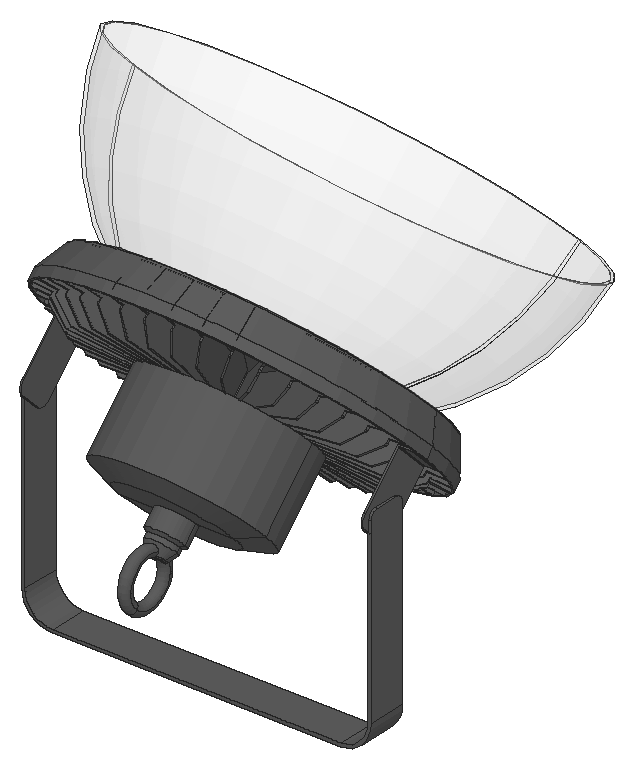
Revit family "0039346+0039355+0039361 Feilo Sylvania Lighting Fixture START HIGHBAY 4K 26KLM MEDIUM with BRACKET and PC LAMPSHADE TRANSPARENT", category Lighting Fixtures, host Face, Revit 2017 (continued)
Definition of nested family "Start LED Highbay Head"
  Dimensions and locks
    "RHRadius2_FEILO": plane 3 "Center (Left/Right)" to plane 32
    "RHHeight3_FEILO": plane 31 to plane 33
    "RHHeight4_FEILO": plane 33 to plane 34
    "RHRadius3_FEILO": plane 3 "Center (Left/Right)" to plane 35
    "RHHeight1_FEILO": plane 28 to plane 30
    "EyeInner_FEILO": plane 34 to plane 36
    "EyeInner_FEILO": plane 36 to plane 37
    equal spacing: plane 38, plane 3 "Center (Left/Right)", plane 39
    "EyeThickness_FEILO": plane 38 to plane 39
    "EyeThickness_FEILO": plane 37 to plane 40
    equal spacing: plane 37, plane 41, plane 40
    equal spacing: plane 6, plane 42, plane 18
    "ThicknessBracket_FEILO": plane 45 to plane 6
    "ThicknessBracket_FEILO": plane 8 to plane 44
    locked: plane 43 to plane 18 at 1
    equal spacing: plane 24, plane 46, plane 26
    equal spacing: plane 47, plane 1 "Center (Front/Back)", plane 48
    "WidthBracket_FEILO": plane 47 to plane 48
    "WidthRingChamfer_FEILO": plane 50 to plane 49
    "ThicknessWall_FEILO": plane 51 to plane 49
    equal spacing: plane 50, plane 52, plane 51
    "ThicknessBracket_FEILO": plane 54 to plane 50
    locked: plane 53 to plane 51 at 1
    "Radius_FEILO": plane 49 to plane 3 "Center (Left/Right)"
    "ShadeRadiusOut_FEILO": plane 3 "Center (Left/Right)" to plane 55
    "ShadeHeight_FEILO": plane 56 to plane 4
    "ShadeRadiusIn_FEILO": plane 3 "Center (Left/Right)" to plane 57
    locked: plane 58 to plane 57 at 8
    "ShadeThickness_FEILO": plane 60 to plane 4
    "ShadeThickness_FEILO": plane 59 to plane 55
    "EyeThicknessHalf_FEILO": radius of curve 8
    "ThicknessBracket_FEILO": radius of Extrusion 7 sketch curve  (x2)
    "ThicknessBracketHalf_FEILO": radius of Extrusion 7 sketch curve  (x2)
    "ShadeRadiusBend_FEILO": radius of curve 9
    aligned and locked: plane 2 to Extrusion 1
    aligned and locked: level to Extrusion 1
    aligned and locked: plane 5 to curve 1
    aligned and locked: plane 6 to curve 1
    aligned and locked: plane 7 to curve 1
    aligned and locked: plane 10 to curve 2
    aligned and locked: plane 9 to curve 3
    aligned and locked: plane 4 to curve 3
    aligned and locked: plane 11 to curve 3
    aligned and locked: plane 4 to curve 4
    aligned and locked: plane 18 to curve 5
    aligned and locked: plane 10 to curve 5
    aligned and locked: Revolve 2 sketch curve to plane 3 "Center (Left/Right)"
    aligned and locked: Revolve 2 sketch curve to curve 3
    aligned and locked: Revolve 2 sketch curve to curve 1
    aligned and locked: plane 4 to Revolve 2 sketch curve
    aligned and locked: plane 9 to Revolve 2 sketch curve
    aligned and locked: Revolve 2 sketch curve to plane 13
    aligned and locked: Revolve 2 sketch curve to plane 10
    aligned and locked: plane 13 to Revolve 2 sketch curve
    aligned and locked: plane 10 to Revolve 2 sketch curve
    aligned and locked: Revolve 2 sketch curve to plane 18
    aligned and locked: Revolve 2 sketch curve to plane 8
    aligned and locked: plane 5 to Revolve 2 sketch curve  (x2)
    aligned and locked: Revolve 3 sketch curve to plane 3 "Center (Left/Right)"
    aligned and locked: plane 11 to Revolve 3 sketch curve
    aligned and locked: Revolve 3 sketch curve to curve 2
    aligned and locked: plane 15 to Revolve 3 sketch curve
    aligned and locked: Revolve 3 sketch curve to plane 16
    aligned and locked: plane 17 to Revolve 3 sketch curve  (x2)
    aligned and locked: Revolve 3 sketch curve to plane 12
    aligned and locked: plane 7 to Revolve 3 sketch curve
    aligned and locked: Revolve 4 sketch curve to plane 3 "Center (Left/Right)"
    aligned and locked: Revolve 4 sketch curve to plane 14
    aligned and locked: plane 3 "Center (Left/Right)" to Revolve 4 sketch curve
    aligned and locked: Revolve 4 sketch curve to plane 12
    aligned and locked: plane 15 to Revolve 4 sketch curve
    aligned and locked: Revolve 2 sketch curve to curve 5
    aligned and locked: plane 22 to curve 6
    aligned and locked: plane 21 to curve 6
    aligned and locked: plane 20 to curve 6
    aligned and locked: plane 19 to curve 6
    aligned and locked: plane 33 to curve 7
    aligned and locked: plane 32 to curve 7
    aligned and locked: plane 35 to curve 7
    aligned and locked: plane 34 to curve 7
    aligned and locked: Revolve 5 sketch curve to plane 3 "Center (Left/Right)"
    aligned and locked: Revolve 5 sketch curve to plane 25
    aligned and locked: plane 27 to Revolve 5 sketch curve
    aligned and locked: plane 28 to Revolve 5 sketch curve
    aligned and locked: plane 30 to Revolve 5 sketch curve
    aligned and locked: Revolve 5 sketch curve to plane 29
    aligned and locked: plane 31 to Revolve 5 sketch curve
    aligned and locked: Revolve 5 sketch curve to curve 7
    aligned and locked: Revolve 5 sketch curve to plane 32
    aligned and locked: plane 34 to Revolve 5 sketch curve
    aligned and locked: plane 3 "Center (Left/Right)" to Revolve 5 sketch curve
    aligned and locked: plane 3 "Center (Left/Right)" to curve 8
    aligned and locked: plane 41 to curve 8
    aligned and locked: Revolve 6 sketch curve to plane 36
    aligned and locked: Revolve 6 sketch curve to curve 8
    aligned and locked: plane 43 to Extrusion 7 sketch curve  (x2)
    aligned and locked: plane 8 to Extrusion 7 sketch curve  (x3)
    aligned and locked: Extrusion 7 sketch curve to plane 45
    aligned and locked: Extrusion 7 sketch curve to plane 46  (x2)
    aligned and locked: plane 6 to Extrusion 7 sketch curve
    aligned and locked: Extrusion 7 sketch curve to plane 44  (x2)
    aligned and locked: Extrusion 7 to plane 48
    aligned and locked: plane 47 to Extrusion 7
    aligned and locked: plane 53 to Extrusion 7 sketch curve
    aligned and locked: plane 50 to Extrusion 7 sketch curve
    aligned and locked: Extrusion 7 sketch curve to plane 54
    aligned and locked: Extrusion 8 sketch curve to Extrusion 8 sketch curve
    aligned and locked: Extrusion 8 to plane 6
    aligned and locked: Extrusion 8 to Extrusion 7
    aligned and locked: Revolve 5 sketch curve to plane 22
    aligned and locked: plane 23 to nested 1
    aligned and locked: plane 1 "Center (Front/Back)" to nested 1
    aligned and locked: Revolve 9 sketch curve to plane 3 "Center (Left/Right)"
    aligned and locked: Revolve 9 sketch curve to plane 4
    aligned and locked: plane 6 to Revolve 9 sketch curve
    aligned and locked: plane 4 to Revolve 9 sketch curve
    aligned and locked: plane 7 to Revolve 9 sketch curve
    aligned and locked: Revolve 9 sketch curve to plane 5
    aligned and locked: plane 8 to Revolve 9 sketch curve  (x2)
    aligned and locked: Revolve 9 sketch curve to plane 19
    aligned and locked: plane 20 to Revolve 9 sketch curve
    aligned and locked: plane 19 to Revolve 9 sketch curve
    aligned and locked: plane 21 to Revolve 9 sketch curve
    aligned and locked: plane 22 to Revolve 9 sketch curve  (x2)
    aligned and locked: Revolve 9 sketch curve to Revolve 9 sketch curve
    aligned and locked: imposter light to plane 4
    aligned and locked: plane 3 "Center (Left/Right)" to imposter light
    aligned and locked: imposter light to plane 1 "Center (Front/Back)"
    aligned and locked: plane 55 to curve 9
    aligned and locked: plane 56 to curve 9
    aligned and locked: plane 57 to curve 9
    aligned and locked: plane 4 to curve 9
    aligned and locked: Revolve 10 sketch curve to curve 9
    aligned and locked: plane 58 to Revolve 10 sketch curve
    aligned and locked: plane 57 to Revolve 10 sketch curve
    aligned and locked: plane 56 to Revolve 10 sketch curve  (x2)
    aligned and locked: Revolve 10 sketch curve to plane 58
    aligned and locked: plane 60 to Revolve 10 sketch curve
  Automatic sketch dimensions
    Extrusion 1 sketch curve to Extrusion 1 sketch curve = 2438.4 mm  (x2)
    Revolve 2 sketch curve to plane 6 = 0.299 mm
    plane 6 to Revolve 2 sketch curve = 0.459 mm
    Revolve 2 sketch curve to level = 609.6 mm
    Revolve 2 sketch curve to Revolve 2 sketch curve = 2312.223 mm
    Revolve 3 sketch curve to plane 12 = 0 mm
    Revolve 3 sketch curve to plane 3 "Center (Left/Right)" = 0 mm
    Revolve 3 sketch curve to level = 609.6 mm
    Revolve 3 sketch curve to plane 4 = 2339.058 mm
    Revolve 4 sketch curve to level = 609.6 mm
    Revolve 4 sketch curve to plane 4 = 2339.058 mm
    Revolve 6 sketch curve to plane 5 = 1080 mm
    plane 38 to Revolve 6 sketch curve = 1219.2 mm
    Extrusion 8 sketch curve to plane 47 = 0 mm
    plane 46 to Extrusion 8 sketch curve = 0 mm  (x2)
    Extrusion 8 sketch curve to plane 48 = 0 mm
    plane 47 to Extrusion 8 sketch curve = 5 mm
    plane 1 "Center (Front/Back)" to Extrusion 8 sketch curve = 10 mm
    Extrusion 8 sketch curve to Extrusion 8 sketch curve = 10 mm
    plane 46 to Extrusion 8 sketch curve = 5 mm
    Extrusion 8 sketch curve to Extrusion 8 sketch curve = 5 mm
    Extrusion 8 sketch curve to plane 48 = 5 mm
    Revolve 5 sketch curve to plane 26 = 0 mm
    Revolve 5 sketch curve to plane 35 = 0.437 mm
    plane 35 to Revolve 5 sketch curve = 0.847 mm
    Revolve 5 sketch curve to plane 34 = 0.726 mm
    plane 40 to Revolve 5 sketch curve = 590.2 mm
    Revolve 5 sketch curve to plane 4 = 2339.058 mm
    Revolve 9 sketch curve to level = 609.6 mm
    Revolve 9 sketch curve to Revolve 9 sketch curve = 2386.058 mm
    curve 2 to plane 3 "Center (Left/Right)" = 0 mm
    Revolve 10 sketch curve to Revolve 10 sketch curve = 0 mm  (x2)
    Revolve 10 sketch curve to plane 3 "Center (Left/Right)" = 0 mm
    plane 57 to Revolve 10 sketch curve = 0.659 mm
    Revolve 10 sketch curve to level = 609.6 mm
    Revolve 10 sketch curve to Revolve 10 sketch curve = 2068.248 mm
  Nested families
    nested 1: "Start Highbay Rib" at (0, 0, 67.775), type "Type Name", detail levels medium+fine
      with SuspensionHeight_FEILO 2.6 mm
    nested 2: "Start Highbay Rib" at (0, 0, 67.775) x (0.9877, 0.1564, 0) z (0, 0, 1), type "Type Name", detail levels medium+fine
      with SuspensionHeight_FEILO 2.6 mm
    nested 3: "Start Highbay Rib" at (0, 0, 67.775) x (0.9511, 0.309, 0) z (0, 0, 1), type "Type Name", detail levels medium+fine
      with SuspensionHeight_FEILO 2.6 mm
    nested 4: "Start Highbay Rib" at (0, 0, 67.775) x (0.891, 0.454, 0) z (0, 0, 1), type "Type Name", detail levels medium+fine
      with SuspensionHeight_FEILO 2.6 mm
    nested 5: "Start Highbay Rib" at (0, 0, 67.775) x (0.809, 0.5878, 0) z (0, 0, 1), type "Type Name", detail levels medium+fine
      with SuspensionHeight_FEILO 2.6 mm
    nested 6: "Start Highbay Rib" at (0, 0, 67.775) x (0.7071, 0.7071, 0) z (0, 0, 1), type "Type Name", detail levels medium+fine
      with SuspensionHeight_FEILO 2.6 mm
    nested 7: "Start Highbay Rib" at (0, 0, 67.775) x (0.5878, 0.809, 0) z (0, 0, 1), type "Type Name", detail levels medium+fine
      with SuspensionHeight_FEILO 2.6 mm
    nested 8: "Start Highbay Rib" at (0, 0, 67.775) x (0.454, 0.891, 0) z (0, 0, 1), type "Type Name", detail levels medium+fine
      with SuspensionHeight_FEILO 2.6 mm
    nested 9: "Start Highbay Rib" at (0, 0, 67.775) x (0.309, 0.9511, 0) z (0, 0, 1), type "Type Name", detail levels medium+fine
      with SuspensionHeight_FEILO 2.6 mm
    nested 10: "Start Highbay Rib" at (0, 0, 67.775) x (0.1564, 0.9877, 0) z (0, 0, 1), type "Type Name", detail levels medium+fine
      with SuspensionHeight_FEILO 2.6 mm
    nested 11: "Start Highbay Rib" at (0, 0, 67.775) x (0, 1, 0) z (0, 0, 1), type "Type Name", detail levels medium+fine
      with SuspensionHeight_FEILO 2.6 mm
    nested 12: "Start Highbay Rib" at (0, 0, 67.775) x (-0.1564, 0.9877, 0) z (0, 0, 1), type "Type Name", detail levels medium+fine
      with SuspensionHeight_FEILO 2.6 mm
    nested 13: "Start Highbay Rib" at (0, 0, 67.775) x (-0.309, 0.9511, 0) z (0, 0, 1), type "Type Name", detail levels medium+fine
      with SuspensionHeight_FEILO 2.6 mm
    nested 14: "Start Highbay Rib" at (0, 0, 67.775) x (-0.454, 0.891, 0) z (0, 0, 1), type "Type Name", detail levels medium+fine
      with SuspensionHeight_FEILO 2.6 mm
    nested 15: "Start Highbay Rib" at (0, 0, 67.775) x (-0.5878, 0.809, 0) z (0, 0, 1), type "Type Name", detail levels medium+fine
      with SuspensionHeight_FEILO 2.6 mm
    nested 16: "Start Highbay Rib" at (0, 0, 67.775) x (-0.7071, 0.7071, 0) z (0, 0, 1), type "Type Name", detail levels medium+fine
      with SuspensionHeight_FEILO 2.6 mm
    nested 17: "Start Highbay Rib" at (0, 0, 67.775) x (-0.809, 0.5878, 0) z (0, 0, 1), type "Type Name", detail levels medium+fine
      with SuspensionHeight_FEILO 2.6 mm
    nested 18: "Start Highbay Rib" at (0, 0, 67.775) x (-0.891, 0.454, 0) z (0, 0, 1), type "Type Name", detail levels medium+fine
      with SuspensionHeight_FEILO 2.6 mm
    nested 19: "Start Highbay Rib" at (0, 0, 67.775) x (-0.9511, 0.309, 0) z (0, 0, 1), type "Type Name", detail levels medium+fine
      with SuspensionHeight_FEILO 2.6 mm
    nested 20: "Start Highbay Rib" at (0, 0, 67.775) x (-0.9877, 0.1564, 0) z (0, 0, 1), type "Type Name", detail levels medium+fine
      with SuspensionHeight_FEILO 2.6 mm
    nested 21: "Start Highbay Rib" at (0, 0, 67.775) x (-1, 0, 0) z (0, 0, 1), type "Type Name", detail levels medium+fine
      with SuspensionHeight_FEILO 2.6 mm
    nested 22: "Start Highbay Rib" at (0, 0, 67.775) x (-0.9877, -0.1564, 0) z (0, 0, 1), type "Type Name", detail levels medium+fine
      with SuspensionHeight_FEILO 2.6 mm
    nested 23: "Start Highbay Rib" at (0, 0, 67.775) x (-0.9511, -0.309, 0) z (0, 0, 1), type "Type Name", detail levels medium+fine
      with SuspensionHeight_FEILO 2.6 mm
    nested 24: "Start Highbay Rib" at (0, 0, 67.775) x (-0.891, -0.454, 0) z (0, 0, 1), type "Type Name", detail levels medium+fine
      with SuspensionHeight_FEILO 2.6 mm
    nested 25: "Start Highbay Rib" at (0, 0, 67.775) x (-0.809, -0.5878, 0) z (0, 0, 1), type "Type Name", detail levels medium+fine
      with SuspensionHeight_FEILO 2.6 mm
    nested 26: "Start Highbay Rib" at (0, 0, 67.775) x (-0.7071, -0.7071, 0) z (0, 0, 1), type "Type Name", detail levels medium+fine
      with SuspensionHeight_FEILO 2.6 mm
    nested 27: "Start Highbay Rib" at (0, 0, 67.775) x (-0.5878, -0.809, 0) z (0, 0, 1), type "Type Name", detail levels medium+fine
      with SuspensionHeight_FEILO 2.6 mm
    nested 28: "Start Highbay Rib" at (0, 0, 67.775) x (-0.454, -0.891, 0) z (0, 0, 1), type "Type Name", detail levels medium+fine
      with SuspensionHeight_FEILO 2.6 mm
    nested 29: "Start Highbay Rib" at (0, 0, 67.775) x (-0.309, -0.9511, 0) z (0, 0, 1), type "Type Name", detail levels medium+fine
      with SuspensionHeight_FEILO 2.6 mm
    nested 30: "Start Highbay Rib" at (0, 0, 67.775) x (-0.1564, -0.9877, 0) z (0, 0, 1), type "Type Name", detail levels medium+fine
      with SuspensionHeight_FEILO 2.6 mm
    nested 31: "Start Highbay Rib" at (0, 0, 67.775) x (0, -1, 0) z (0, 0, 1), type "Type Name", detail levels medium+fine
      with SuspensionHeight_FEILO 2.6 mm
    nested 32: "Start Highbay Rib" at (0, 0, 67.775) x (0.1564, -0.9877, 0) z (0, 0, 1), type "Type Name", detail levels medium+fine
      with SuspensionHeight_FEILO 2.6 mm
    nested 33: "Start Highbay Rib" at (0, 0, 67.775) x (0.309, -0.9511, 0) z (0, 0, 1), type "Type Name", detail levels medium+fine
      with SuspensionHeight_FEILO 2.6 mm
    nested 34: "Start Highbay Rib" at (0, 0, 67.775) x (0.454, -0.891, 0) z (0, 0, 1), type "Type Name", detail levels medium+fine
      with SuspensionHeight_FEILO 2.6 mm
    nested 35: "Start Highbay Rib" at (0, 0, 67.775) x (0.5878, -0.809, 0) z (0, 0, 1), type "Type Name", detail levels medium+fine
      with SuspensionHeight_FEILO 2.6 mm
    nested 36: "Start Highbay Rib" at (0, 0, 67.775) x (0.7071, -0.7071, 0) z (0, 0, 1), type "Type Name", detail levels medium+fine
      with SuspensionHeight_FEILO 2.6 mm
    nested 37: "Start Highbay Rib" at (0, 0, 67.775) x (0.809, -0.5878, 0) z (0, 0, 1), type "Type Name", detail levels medium+fine
      with SuspensionHeight_FEILO 2.6 mm
    nested 38: "Start Highbay Rib" at (0, 0, 67.775) x (0.891, -0.454, 0) z (0, 0, 1), type "Type Name", detail levels medium+fine
      with SuspensionHeight_FEILO 2.6 mm
    nested 39: "Start Highbay Rib" at (0, 0, 67.775) x (0.9511, -0.309, 0) z (0, 0, 1), type "Type Name", detail levels medium+fine
      with SuspensionHeight_FEILO 2.6 mm
    nested 40: "Start Highbay Rib" at (0, 0, 67.775) x (0.9877, -0.1564, 0) z (0, 0, 1), type "Type Name", detail levels medium+fine
      with SuspensionHeight_FEILO 2.6 mm
  Definition of nested family "Start Highbay Rib"
    Parameters (values of type "Type Name")
      WidthStraight_FEILO = if(SizeS_FEILO, 3 mm, if(SizeM_FEILO, 4 mm, 4.7 mm))  # 3 mm
      WidthRingChamfer_FEILO = if(SizeS_FEILO, 10.3 mm, if(SizeM_FEILO, 11.2 mm, 12.9 mm))  # 10.3 mm
      WidthCurved_FEILO = if(SizeS_FEILO, 17.4 mm, if(SizeM_FEILO, 16.4 mm, 26.2 mm))  # 17.4 mm
      WidthCurvedRing_FEILO = if(SizeS_FEILO, 3 mm, if(SizeM_FEILO, 4 mm, 4.7 mm))  # 3 mm
      WidthBracket_FEILO = 40 mm
      URL = "http://www.feilosylvania.com"
      Type Image = (empty or 0)
      Type Comments = "n/a"
      ThicknessWall_FEILO = 1.5 mm
      ThicknessBracket_FEILO = 1.5 mm
      ThicknessBracketHalf_FEILO = ThicknessBracket_FEILO / 2  # 0.75 mm
      SuspensionHeight_FEILO [instance] = 2.6 mm
      SizeS_FEILO = yes
      SizeM_FEILO = no
      Rib4_FEILO = if(SizeS_FEILO, 18.1 mm, if(SizeM_FEILO, 13.6 mm, 14.6 mm))  # 18.1 mm
      Rib3_FEILO = if(SizeS_FEILO, 15.3 mm, if(SizeM_FEILO, 17.6 mm, 20.2 mm))  # 15.3 mm
      Rib2_FEILO = if(SizeS_FEILO, 3.6 mm, if(SizeM_FEILO, 3.9 mm, 4.5 mm))  # 3.6 mm
      Rib1_FEILO = if(SizeS_FEILO, 15.1 mm, if(SizeM_FEILO, 16.5 mm, 19 mm))  # 15.1 mm
      RadiusRib_FEILO = 2 mm
      RadiusDiffuser_FEILO = if(SizeS_FEILO, 95.2 mm, if(SizeM_FEILO, 105.3 mm, 120 mm))  # 95.2 mm
      RHRadius3_FEILO = if(SizeS_FEILO, 6.6 mm, if(SizeM_FEILO, 7.4 mm, 8.6 mm))  # 6.6 mm
      RHRadius2_FEILO = if(SizeS_FEILO, 11 mm, if(SizeM_FEILO, 12 mm, 14 mm))  # 11 mm
      RHRadius1_FEILO = if(SizeS_FEILO, 13.6 mm, if(SizeM_FEILO, 14.9 mm, 17.7 mm))  # 13.6 mm
      RHHeight4_FEILO = if(SizeS_FEILO, 7.3 mm, if(SizeM_FEILO, 8 mm, 9.2 mm))  # 7.3 mm
      RHHeight3_FEILO = if(SizeS_FEILO, 3.6 mm, if(SizeM_FEILO, 3.7 mm, 4.6 mm))  # 3.6 mm
      RHHeight2_FEILO = if(SizeS_FEILO, 2 mm, if(SizeM_FEILO, 2.2 mm, 2.6 mm))  # 2 mm
      RHHeight1_FEILO = if(SizeS_FEILO, 11.8 mm, if(SizeM_FEILO, 15.3 mm, 17.4 mm))  # 11.8 mm
      Material_3_FEILO = none
      Model = ""
      Manufacturer = "Feilo Sylvania"
      Keynote = "16500"
      HeightRing_FEILO = if(SizeS_FEILO, 19.8 mm, if(SizeM_FEILO, 32 mm, 36.8 mm))  # 19.8 mm
      HeightRingChamfer_FEILO = if(SizeS_FEILO, 11.7 mm, if(SizeM_FEILO, 23.2 mm, 26.6 mm))  # 11.7 mm
      EyeThickness_FEILO = if(SizeS_FEILO, 8.4 mm, if(SizeM_FEILO, 9.2 mm, 10.5 mm))  # 8.4 mm
      EyeThicknessHalf_FEILO = EyeThickness_FEILO / 2  # 4.2 mm
      EyeInner_FEILO = if(SizeS_FEILO, 13.8 mm, if(SizeM_FEILO, 15.1 mm, 17.3 mm))  # 13.8 mm
      DriverVerticalStraight_FEILO = if(SizeS_FEILO, 46.5 mm, if(SizeM_FEILO, 49.7 mm, 57 mm))  # 46.5 mm
      DriverVerticalChamfer_FEILO = if(SizeS_FEILO, 7.5 mm, if(SizeM_FEILO, 8.2 mm, 9.5 mm))  # 7.5 mm
      DriverRadius_FEILO = if(SizeS_FEILO, 61.4 mm, if(SizeM_FEILO, 67.2 mm, 76.4 mm))  # 61.4 mm
      DriverRadiusTop_FEILO = if(SizeS_FEILO, 42 mm, if(SizeM_FEILO, 45.3 mm, 52.4 mm))  # 42 mm
      DriverBottom_FEILO = if(SizeS_FEILO, 56 mm, if(SizeM_FEILO, 64.5 mm, 74 mm))  # 56 mm
      Material_2_FEILO = none
      Radius_FEILO = if(SizeS_FEILO, 135 mm, if(SizeM_FEILO, 148 mm, 169.5 mm))  # 135 mm
      Description = ""
      Default Elevation = 1219.2 mm
      Cost = 0
      Material_1_FEILO = none
      Assembly Code = "D5020200"
      Material_4_FEILO = none
    Reference planes
      plane 1 "Center (Front/Back)": y = 0
      plane 2: z = 0
      plane 3 "Center (Left/Right)": x = 0
      plane 4: z = 2.6
      plane 5: x = -135
      plane 6: x = -124.7
      plane 7: z = -9.1
      plane 8: z = -17.2
      plane 9: x = -121.7
      plane 10: z = -0.025
      plane 11: x = -104.3
      plane 12: x = -95.2
      plane 13: x = -118.7
      plane 14: z = 0.975
      plane 15: z = -1.025
      plane 16: x = -92.2
      plane 17: z = -2.025
      plane 18: x = -133.5
      plane 19: x = -119.9
      plane 20: z = -20.8
      plane 21: x = -104.6
      plane 22: z = -38.9
      plane 23: x = -20
      plane 24: z = -53.4
      plane 25: x = -61.4
      plane 26: z = -99.9
      plane 27: x = -42
      plane 28: z = -107.4
      plane 29: x = -13.6
      plane 30: z = -119.2
      plane 31: z = -121.2
      plane 32: x = -11
      plane 33: z = -124.8
      plane 34: z = -132.1
      plane 35: x = -6.6
      plane 36: z = -145.9
      plane 37: z = -159.7
      plane 38: x = 4.2
      plane 39: x = -4.2
      plane 40: z = -168.1
      plane 41: z = -163.9
      plane 42: x = -129.1
      plane 43: x = -132.5
      plane 44: z = -18.7
      plane 45: x = -123.2
      plane 46: z = -76.65
      plane 47: y = -20
      plane 48: y = 20
      plane 49: x = 135
      plane 50: x = 124.7
      plane 51: x = 133.5
      plane 52: x = 129.1
      plane 53: x = 132.5
      plane 54: x = 123.2
      plane 55: y = 0.75
      plane 56: y = -0.75
    Forms (mm)
      Extrusion 1, solid
        sketch origin (4.2, 0, 0) x (1, 0, 0) y (0, 1, 0)
          loop
            line (-1219.2, 1219.2) -> (-1219.2, -1219.2) -> (1219.2, -1219.2) -> (1219.2, 1219.2) -> (-1219.2, 1219.2)
        from 0 to -68.017
      Extrusion 2, solid, material <- "Material_1_FEILO"
        sketch origin (0, 0, 0) x (1, 0, 0) y (0, 0, 1)
          loop
            arc (-104.3, -0.025) -> (-111.555, 0.423) -> (-118.7, 1.76) r 58.981
            line (-118.7, 1.76) -> (-118.7, -0.025) -> (-125.012, -0.025) -> (-133.5, -9.666) -> (-133.5, -17.2) -> (-119.9, -17.2) -> (-119.9, -20.068)
            arc (-119.9, -20.068) -> (-119.778, -20.755) -> (-119.427, -21.359) r 2
            line (-119.427, -21.359) -> (-104.966, -38.467)
            arc (-104.966, -38.467) -> (-104.381, -38.789) -> (-103.723, -38.9) r 2
            line (-103.723, -38.9) -> (-20, -38.9) -> (-20, -9.1) -> (-95.2, -9.1) -> (-95.2, -2.025) -> (-104.3, -2.025) -> (-104.3, -0.025)
        from -0.75 to 0.75
    Lines and regions (mm)
      reference lines
        curve 1: line (-135, 0, -9.1) -> (-124.7, 0, 2.6)
        curve 2: line (-104.3, 0, -0.025) -> (0, 0, -0.025)
        curve 3: arc (-104.3, 0, -0.025) -> (-113.098, 0, 0.635) -> (-121.7, 0, 2.6) r 58.981
        curve 4: line (-124.7, 0, 2.6) -> (-121.7, 0, 2.6)
        curve 5: line (-125.012, 0, -0.025) -> (-133.5, 0, -9.666)
        curve 6: line (-119.9, 0, -20.8) -> (-104.6, 0, -38.9)
    Dimensions and locks
      "Radius_FEILO": plane 3 "Center (Left/Right)" to plane 5
      "WidthRingChamfer_FEILO": plane 6 to plane 5
      "WidthStraight_FEILO": plane 9 to plane 6
      "WidthCurvedRing_FEILO": plane 13 to plane 9
      locked: plane 10 to plane 15 at 1
      locked: plane 14 to plane 10 at 1
      locked: plane 4 to plane 10 at 2.625
      locked: plane 15 to plane 17 at 1
      "ThicknessWall_FEILO": plane 18 to plane 5
      "ThicknessWall_FEILO": curve 5 to curve 1
      "HeightRingChamfer_FEILO": plane 4 to plane 7
      "HeightRing_FEILO": plane 4 to plane 8
      "RadiusDiffuser_FEILO": plane 3 "Center (Left/Right)" to plane 12
      locked: plane 16 to plane 12 at 3
      "WidthCurved_FEILO": plane 11 to plane 9
      "SuspensionHeight_FEILO": plane 4 to plane 2
      "Rib1_FEILO": plane 19 to plane 5
      "Rib2_FEILO": plane 8 to plane 20
      "Rib3_FEILO": plane 21 to plane 19
      "Rib4_FEILO": plane 20 to plane 22
      locked: plane 3 "Center (Left/Right)" to plane 23 at 20
      "DriverBottom_FEILO": plane 4 to plane 24
      "DriverRadius_FEILO": plane 3 "Center (Left/Right)" to plane 25
      "DriverVerticalStraight_FEILO": plane 24 to plane 26
      "DriverRadiusTop_FEILO": plane 3 "Center (Left/Right)" to plane 27
      "DriverVerticalChamfer_FEILO": plane 26 to plane 28
      "RHRadius1_FEILO": plane 3 "Center (Left/Right)" to plane 29
      "RHHeight2_FEILO": plane 30 to plane 31
      "RHRadius2_FEILO": plane 3 "Center (Left/Right)" to plane 32
      "RHHeight3_FEILO": plane 31 to plane 33
      "RHHeight4_FEILO": plane 33 to plane 34
      "RHRadius3_FEILO": plane 3 "Center (Left/Right)" to plane 35
      "RHHeight1_FEILO": plane 28 to plane 30
      "EyeInner_FEILO": plane 34 to plane 36
      "EyeInner_FEILO": plane 36 to plane 37
      equal spacing: plane 38, plane 3 "Center (Left/Right)", plane 39
      "EyeThickness_FEILO": plane 38 to plane 39
      "EyeThickness_FEILO": plane 37 to plane 40
      equal spacing: plane 37, plane 41, plane 40
      equal spacing: plane 6, plane 42, plane 18
      "ThicknessBracket_FEILO": plane 45 to plane 6
      "ThicknessBracket_FEILO": plane 8 to plane 44
      locked: plane 43 to plane 18 at 1
      equal spacing: plane 24, plane 46, plane 26
      equal spacing: plane 47, plane 1 "Center (Front/Back)", plane 48
      "WidthBracket_FEILO": plane 47 to plane 48
      "WidthRingChamfer_FEILO": plane 50 to plane 49
      "ThicknessWall_FEILO": plane 51 to plane 49
      equal spacing: plane 50, plane 52, plane 51
      "ThicknessBracket_FEILO": plane 54 to plane 50
      locked: plane 53 to plane 51 at 1
      "Radius_FEILO": plane 49 to plane 3 "Center (Left/Right)"
      equal spacing: plane 56, plane 1 "Center (Front/Back)", plane 55
      "ThicknessWall_FEILO": plane 56 to plane 55
      "RadiusRib_FEILO": radius of Extrusion 2 sketch curve  (x2)
      aligned and locked: plane 2 to Extrusion 1
      aligned and locked: level to Extrusion 1
      aligned and locked: plane 5 to curve 1
      aligned and locked: plane 6 to curve 1
      aligned and locked: plane 7 to curve 1
      aligned and locked: plane 10 to curve 2
      aligned and locked: plane 9 to curve 3
      aligned and locked: plane 4 to curve 3
      aligned and locked: plane 11 to curve 3
      aligned and locked: plane 4 to curve 4
      aligned and locked: plane 18 to curve 5
      aligned and locked: plane 10 to curve 5
      aligned and locked: plane 22 to curve 6
      aligned and locked: plane 21 to curve 6
      aligned and locked: plane 20 to curve 6
      aligned and locked: plane 19 to curve 6
      aligned and locked: Extrusion 2 sketch curve to plane 23
      aligned and locked: Extrusion 2 sketch curve to plane 22
      aligned and locked: Extrusion 2 sketch curve to curve 6
      aligned and locked: plane 19 to Extrusion 2 sketch curve
      aligned and locked: Extrusion 2 sketch curve to plane 8
      aligned and locked: Extrusion 2 sketch curve to curve 5
      aligned and locked: Extrusion 2 sketch curve to curve 3
      aligned and locked: Extrusion 2 to plane 55
      aligned and locked: plane 56 to Extrusion 2
      aligned and locked: curve 6 to Extrusion 2 sketch curve
    Automatic sketch dimensions
      Extrusion 1 sketch curve to Extrusion 1 sketch curve = 2438.4 mm  (x2)
      curve 2 to plane 3 "Center (Left/Right)" = 0 mm
      Extrusion 2 sketch curve to plane 18 = 0 mm
      Extrusion 2 sketch curve to plane 10 = 0 mm
      Extrusion 2 sketch curve to plane 13 = 0 mm
      Extrusion 2 sketch curve to plane 7 = 0 mm
      Extrusion 2 sketch curve to plane 12 = 0 mm
      Extrusion 2 sketch curve to plane 17 = 0 mm
      plane 19 to Extrusion 2 sketch curve = 0.473 mm
      Extrusion 2 sketch curve to plane 21 = 0.366 mm
